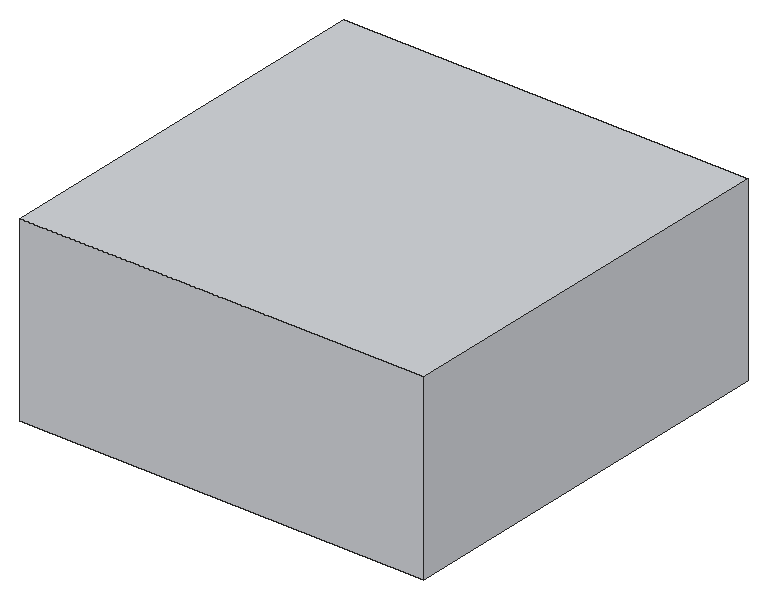
Revit family "M_電線管端子箱 - 置換 - アルミニウム_1", category Electrical Equipment, Revit 2023
Family settings
  Panel Configuration = Two Columns, Circuits Across
  Round Connector Dimension = Use Radius
  Part Type = Panelboard
  OmniClass Number = 23.80.30.17.11
  OmniClass Title = Conduits
  Work Plane-Based = No
  Always vertical = Yes
  Cut with Voids When Loaded = No
  Maintain Annotation Orientation = No
  Shared = No
  Room Calculation Point = No
Parameters (values of type "標準 2")
  Default Elevation = 0 mm
  幅オフセット [instance] = 5000 mm
  幅 [instance] = 長さ  # 116 mm
  呼び半径 2 [instance] = 8 mm
  呼び半径 1 [instance] = 10.5 mm
  呼び径 2 [instance] = 呼び半径 2 * 2  # 16 mm
  呼び径 1 [instance] = 呼び半径 1 * 2  # 21 mm
  最大呼び径 12 [instance] = if(呼び径 1 > 呼び径 2, 呼び径 1, 呼び径 2)  # 21 mm
  長さ 1 [instance] = 5000 mm  # constant formula
  高さオフセット [instance] = 5000 mm
  高さ [instance] = if(not(最大呼び径 12 > 27 mm), 52 mm, if(最大呼び径 12 < 155 mm, 152 mm, 最大呼び径 12 * 1.2))  # 52 mm
  長さ [instance] = if(not(最大呼び径 12 > 27 mm), 116 mm, 6 * 最大呼び径 12)  # 116 mm
  幅／2 ラベル [instance] = if(abs(長さ 1 - 幅オフセット) + 呼び半径 2 > 幅 / 2, abs(長さ 1 - 幅オフセット) + 呼び半径 2 + 25.4 mm, 幅 / 2)  # 58 mm
  高さ／2 ラベル [instance] = if(abs(長さ 1 - 高さオフセット) + 呼び半径 2 > 高さ / 2, abs(長さ 1 - 高さオフセット) + 呼び半径 2 + 25.4 mm, 高さ / 2)  # 26 mm
Reference planes
  plane 1 "中心(正面/背面)": y = 0
  plane 2: z = 0
  plane 3 "中心(左/右)": x = 0
  plane 4: y = -5000
  plane 5: z = -5000
  plane 6: y = 0
  plane 7: z = 0
  plane 8: x = 116
  plane 9: y = 58
  plane 10: y = -381
  plane 11: y = -58
  plane 12: z = 26
  plane 13: z = -26
Forms (mm)
  Blend 1, solid, not visible
    base sketch origin (0, 0, 0) x (0, 1, 0) y (0, 0, 1)
      loop
        circle (0, 0) r 10.5
    top sketch origin (0, 0, 0) x (0, 1, 0) y (0, 0, 1)
      loop
        circle (0, 0) r 8
    from 0 to 116
  Extrusion 2, solid
    sketch origin (0, 0, 0) x (1, 0, 0) y (0, 1, 0)
      loop
        line (0, 58) -> (0, -58) -> (116, -58) -> (116, 58) -> (0, 58)
    from -26 to 26
Dimensions and locks
  "長さ 1": plane 1 "中心(正面/背面)" to plane 4
  "長さ 1": plane 2 to plane 5
  "幅オフセット": plane 6 to plane 4
  "高さオフセット": plane 7 to plane 5
  "長さ": plane 3 "中心(左/右)" to plane 8
  "幅／2 ラベル": plane 1 "中心(正面/背面)" to plane 9
  "幅／2 ラベル": plane 11 to plane 1 "中心(正面/背面)"
  "高さ／2 ラベル": plane 12 to plane 2
  "高さ／2 ラベル": plane 2 to plane 13
  "呼び半径 1": radius of Blend 1 sketch curve
  "呼び半径 2": radius of Blend 1 sketch curve
  aligned and locked: plane 2 to Blend 1 sketch curve
  aligned and locked: plane 1 "中心(正面/背面)" to Blend 1 sketch curve
  aligned and locked: plane 7 to Blend 1 sketch curve
  aligned and locked: plane 6 to Blend 1 sketch curve
  aligned and locked: Blend 1 to plane 3 "中心(左/右)"
  aligned and locked: plane 8 to Blend 1
  aligned and locked: Extrusion 2 sketch curve to plane 9
  aligned and locked: plane 3 "中心(左/右)" to Extrusion 2 sketch curve
  aligned and locked: Extrusion 2 sketch curve to plane 11
  aligned and locked: Extrusion 2 sketch curve to plane 8
  aligned and locked: plane 12 to Extrusion 2
  aligned and locked: plane 13 to Extrusion 2
Connectors
  cabletrayconduit at (0, 0, 0), diameter 21, driven by "呼び半径 1"
    settings: on Blend 1, index 1, connector width 304.8 mm, connector height 304.8 mm, connector angle 0.00°, system type 32, placement type 0, profile type 0, connector reference index 2, is primary connector yes, connector utility param no, connector description ""
  cabletrayconduit at (116, 0, 0), diameter 16, driven by "呼び半径 2"
    settings: on Blend 1, index 2, connector width 304.8 mm, connector height 304.8 mm, connector angle 0.00°, system type 32, placement type 0, profile type 0, connector reference index 1, is primary connector no, connector utility param no, connector description ""
